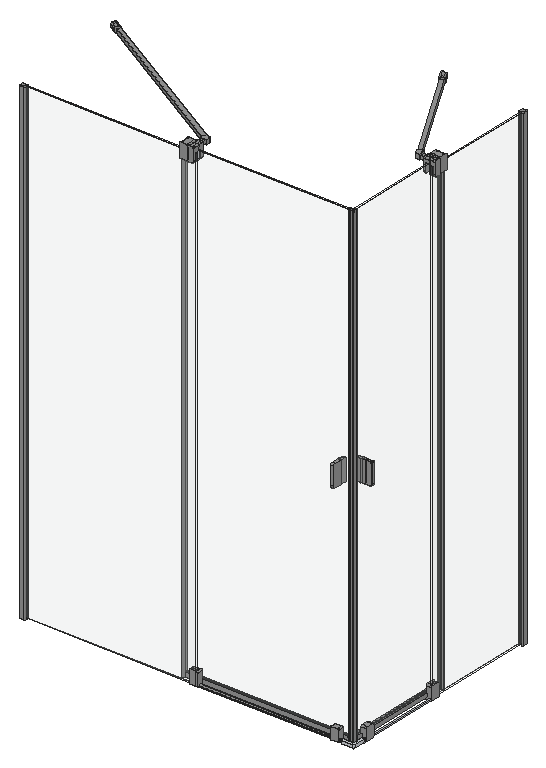
Revit family "Sanitary_Shower-screens_Duscholux_DuschoPulsar_Slider-twin-doors-corner-shower", category Plumbing Fixtures, Revit 2016
Family settings
  Part Type = Normal
  Round Connector Dimension = Use Diameter
  OmniClass Number = 23.45.00.00
  OmniClass Title = Sanitary, Laundry, and Cleaning Equipment
  Work Plane-Based = No
  Always vertical = Yes
  Cut with Voids When Loaded = No
  Shared = No
  Room Calculation Point = No
Parameters (values of type "Gold Finish")
  Width L2 = 900 mm
  Width L1 = 1400 mm
  Wall distance L2 (support) = (Min Max Width L2 / 2) + 25 mm  # 475 mm
  Wall distance L1 (support) = (Min Max Width L1 / 2) + 25 mm  # 725 mm
  Uniclass 2015 Description = "Shower Enclosures"
  Uniclass 2015 Code = "PR-40-20-06-79"
  URL = "http://www.duscholux.es/"
  UNSPSC Code = "30181507"
  Thickness Safety Glass Sliding = 8 mm  # constant formula
  Thickness Safety Glass Fixed Panel = 8 mm  # constant formula
  Technical Inspection Certificate (Applus) = "http://www.duscholux.es/resources/custom/var/APPLUS_en.pdf"
  Sliding Door Width L2 = (Min Max Width L2 / 2) + 35 mm - 36.1 mm  # 448.9 mm
  Sliding Door Width L1 = (Min Max Width L1 / 2) + 35 mm - 36.1 mm  # 698.9 mm
  Series = "DuschoPulsar"
  Region South America = "Consult"
  Region Oceania = "Consult"
  Region North America = "Consult"
  Region Middle East = "Consult"
  Region Europe = "AD, ES, FR, PT"
  Region Asia = "Consult"
  Region Antartica = "Consult"
  Region Africa = "Consult"
  Ref. = "PAF / PAG"
  Products = "http://www.duscholux.es/mamparas_filtro.aspx?es"
  Product group = "Front for shower"
  Product family = "Duscho Pulsar"
  Optional = "Glass Towel rail"
  Opening System Image = "http://blob.duscholux.es/pluma512/AD2f2pcorredera.gif"
  Opening System = "Sliding"
  Opening Percentage L2 = 0
  Opening Percentage L1 = 0
  Opening Door L2 = ((Min Max Width L2 / 2) - 114.3 mm - 36.1 mm) * Opening Percentage L2 / 100  # 0 mm
  Opening Door L1 = ((Min Max Width L1 / 2) - 114.3 mm - 36.1 mm) * Opening Percentage L1 / 100  # 0 mm
  Net Weight (Kg) = 60
  NBS Reference Description = "Shower Enclosures"
  NBS Reference Code = "45-35-70"
  Model = ""
  Min Max Width L2 = if(Width L2 < 800 mm, 800 mm, if(Width L2 > 1600 mm, 1600 mm, Width L2))  # 900 mm
  Min Max Width L1 = if(Width L1 < 800 mm, 800 mm, if(Width L1 > 1600 mm, 1600 mm, Width L1))  # 1400 mm
  Max Height = if(Height > 2000 mm, 2000 mm, Height)  # 2000 mm
  Manufacturer name = "Duscholux Ibérica, S.A."
  Manufacturer country = "Spain"
  Maintenance and Cleaning = "http://www.duscholux.es/mamparas_limpieza.aspx?en"
  Image = "http://www.duscholux.es/resources/custom/img/mamparas/DUSCHO%20PULSAR/modelos/2F2PADC/mampara_h.jpg"
  IFC Classification = "Furnishing Element"
  Height = 2000 mm
  Handle Material = Black Aluminium Finish
  Handle Height = Max Height / 2  # 1000 mm
  Glass in Building UNE EN 12150 = "CE Conformity marking"
  Glass Material = Glass_Material-Duscholux
  Frame Material = Gold
  Fact Sheet = "http://blob.duscholux.es/enpdf2018/Pulsar2F2PAD.pdf"
  Manufacturer = "Duscholux Ibérica, S.A."
  Environmental Management ISO 14001 = "ECOEMBES Certificate"
  Edition number = "1"
  Design country = "Spain / Germany"
  Description = "2 fixed segments + slider twin doors in a corner shower"
  Date of publishing = ""
  Assembly Code = "C1030200"
  Configuration enclosure = "http://configuratumampara.duscholux.es/eCatalogo.aspx"
  Components = "Eropean components"
  Type Comments = ""
  Combinations = "Lateral 90°"
  Certified Quality UNE EN 14428 = "http://www.duscholux.es/duscholux_downloads.aspx?es"
  COBIe Type Category = ""
  Brand = "Duscholux"
  Anti-Lime Treatment = "FeelNet 3D Included"
  Accesories Material = Gold
Reference planes
  plane 1 "Centro (Frontal/Posterior)": y = 0
  plane 2: z = 0
  plane 3 "Centro (Izquierda/Derecha)": x = 0
  plane 4: x = 1363.909
  plane 5: z = 2000
  plane 6: z = 1000
  plane 7: y = 21.3
  plane 8: y = 4
  plane 9: y = -4
  plane 10: z = 2003
  plane 11: y = -6.579
  plane 12: y = 893.421
  plane 13: y = 17.278
  plane 14: y = 25.278
  plane 15: x = 1376.237
  plane 16: x = 1368.237
  plane 17: y = 443.421
  plane 18: y = 408.421
  plane 19: y = 478.421
  plane 20: y = 29.513
  plane 21: x = 1400
  plane 22: x = 700
  plane 23: x = 735
  plane 24: x = 665
  plane 25: x = 1393.513
  plane 26: y = -6.579
  plane 27: x = 671.509
  plane 28: y = 471.913
  plane 29: y = 25.185
  plane 30: x = 720
  plane 31: y = 423.421
  plane 32: x = 720
Forms (mm)
  Extrusion 1, solid, material "Glass_Material-Duscholux" <- "Glass Material"
    sketch origin (512.5, -117.763, 0) x (1, 0, 0) y (0, 1, 0)
      loop
        line (-496.5, 121.763) -> (-496.5, 113.763) -> (222.5, 113.763) -> (222.5, 121.763) -> (-496.5, 121.763)
    from 2 to 2000
  Extrusion 2, solid, material "Plástico, transparente", detail levels fine
    sketch origin (0, -2.016, 0) x (0, 1, 0) y (0, 0, 1)
      loop
        line (18.037, 4) -> (28.544, 4) -> (28.544, 18.331) -> (49.065, 6.392) -> (49.065, 2.694)
        arc (49.065, 2.694) -> (49.804, 2.277) -> (50.544, 2.694) r 0.863
        line (50.544, 2.694) -> (50.544, 8.123) -> (27.817, 21.137)
        arc (27.817, 21.137) -> (27.258, 21.087) -> (27.044, 20.567) r 0.542
        line (27.044, 20.567) -> (27.294, 19.634) -> (27.294, 5.168) -> (19.294, 5.168) -> (19.294, 21.253) -> (18.037, 21.253) -> (18.037, 4)
    from 670.009 to 1363.909
  Extrusion 3, solid, material "Plástico, transparente", detail levels fine
    sketch origin (-2.798, -2.197, 0) x (1, 0, 0) y (0, 1, 0)
      loop
        line (672.807, 27.476) -> (672.807, 28.726) -> (666.507, 28.726) -> (666.507, 18.219) -> (671.807, 18.219) -> (671.807, 6.559) -> (672.807, 6.559) -> (672.807, 19.519) -> (667.807, 19.519) -> (667.807, 27.476) -> (672.807, 27.476)
    from 4 to 2000
  Extrusion 4, solid, material "Gold" <- "Frame Material"
    sketch origin (0, 0, 0) x (1, 0, 0) y (0, 1, 0)
      loop
        line (13.5, 5.521) -> (0, 5.521) -> (0, -7.479) -> (13.5, -7.479) -> (13.5, -5.979) -> (1.5, -5.979) -> (1.5, 4.021) -> (13.5, 4.021) -> (13.5, 5.521)
      loop
        line (21, 7.2) -> (1, 7.2) -> (1, 5.7) -> (14.5, 5.7) -> (14.5, -7.7) -> (1, -7.7) -> (1, -9.2) -> (16.7, -9.2)
        arc (16.7, -9.2) -> (19.983, -7.677) -> (20.941, -4.188) r 4.3
        line (20.941, -4.188) -> (19.995, -4.188) -> (16, -5.7) -> (16, 5.7) -> (20.019, 4.195) -> (21, 4.195) -> (21, 7.2)
    from 0 to 2000
  Extrusion 5, solid, material "Glass_Material-Duscholux" <- "Glass Material"
    sketch origin (-1353.12, 0, 0) x (1, 0, 0) y (0, 1, 0)
      loop
        line (2018.129, 25.278) -> (2018.129, 17.278) -> (2717.029, 17.278) -> (2717.029, 25.278) -> (2018.129, 25.278)
    from 5.168 to 2000
  Extrusion 6, solid, material "Gold" <- "Frame Material"
    sketch origin (0, 0, 0) x (1, 0, 0) y (0, 1, 0)
      loop
        line (21, 7.2) -> (0, 7.2) -> (0, -9.2) -> (16.7, -9.2)
        arc (16.7, -9.2) -> (19.741, -7.941) -> (21, -4.9) r 4.3
        line (21, -4.9) -> (21, 7.2)
    from 2000 to 2003
  Extrusion 7, solid, material "Plástico, transparente"
    sketch origin (63.909, 0, 0) x (1, 0, 0) y (0, 1, 0)
      loop
        line (1301, 26.978) -> (1294.376, 26.978)
        arc (1294.376, 26.978) -> (1293.172, 26.575) -> (1292.453, 25.528) r 2
        line (1292.453, 25.528) -> (1300, 25.528) -> (1300, 17.028) -> (1292.465, 17.028)
        arc (1292.465, 17.028) -> (1293.183, 15.981) -> (1294.388, 15.578) r 2
        line (1294.388, 15.578) -> (1301, 15.578)
        arc (1301, 15.578) -> (1305.962, 15.175) -> (1310.933, 14.893) r 205.779
        arc (1310.933, 14.893) -> (1312.373, 15.786) -> (1312.061, 17.452) r 1.5
        line (1312.061, 17.452) -> (1303.4, 26.112)
        arc (1303.4, 26.112) -> (1302.297, 26.813) -> (1301, 26.978) r 3
      loop
        line (1301, 26.476) -> (1301, 16.08)
        arc (1301, 16.08) -> (1305.973, 15.676) -> (1310.955, 15.392) r 205.279
        arc (1310.955, 15.392) -> (1311.915, 15.988) -> (1311.707, 17.098) r 1
        line (1311.707, 17.098) -> (1310.192, 18.614) -> (1309.465, 17.887) -> (1306.354, 20.998) -> (1307.081, 21.725) -> (1303.047, 25.759)
        arc (1303.047, 25.759) -> (1302.105, 26.351) -> (1301, 26.476) r 2.5
    from 0 to 2000
  Extrusion 8, solid, material "Glass_Material-Duscholux" <- "Glass Material"
    sketch origin (1629.513, 2946.573, 0) x (0, -1, 0) y (1, 0, 0)
      loop
        line (2468.16, -261.278) -> (2917.06, -261.278) -> (2917.06, -253.276) -> (2468.16, -253.276) -> (2468.16, -261.278)
    from 5.168 to 2000
  Extrusion 9, solid, material "Gold" <- "Frame Material"
    sketch origin (1629.513, 1593.421, 0) x (0, -1, 0) y (1, 0, 0)
      loop
        line (721, -243.2) -> (721, -231.1)
        arc (721, -231.1) -> (719.741, -228.059) -> (716.7, -226.8) r 4.3
        line (716.7, -226.8) -> (700, -226.8) -> (700, -243.2) -> (721, -243.2)
    from 2000 to 2003
  Extrusion 10, solid, material "Glass_Material-Duscholux" <- "Glass Material"
    sketch origin (1747.275, 1080.921, 0) x (0, -1, 0) y (1, 0, 0)
      loop
        line (203.5, -357.763) -> (672.5, -357.763) -> (672.5, -349.763) -> (203.5, -349.763) -> (203.5, -357.763)
    from 4 to 2000
  Extrusion 11, solid, material "Plástico, transparente", detail levels fine
    sketch origin (1631.71, 1596.219, 0) x (0, -1, 0) y (1, 0, 0)
      loop
        line (1122.806, -263.476) -> (1117.806, -263.476) -> (1117.806, -255.519) -> (1122.806, -255.519) -> (1122.806, -242.559) -> (1121.806, -242.559) -> (1121.806, -254.219) -> (1116.506, -254.219) -> (1116.506, -264.726) -> (1122.806, -264.726) -> (1122.806, -263.476)
    from 4 to 2000
  Extrusion 12, solid, material "Gold" <- "Frame Material"
    sketch origin (1629.513, 1593.421, 0) x (0, -1, 0) y (1, 0, 0)
      loop
        line (713.5, -241.521) -> (713.5, -240.021) -> (701.5, -240.021) -> (701.5, -230.021) -> (713.5, -230.021) -> (713.5, -228.521) -> (700, -228.521) -> (700, -241.521) -> (713.5, -241.521)
      loop
        line (721, -243.2) -> (721, -240.195) -> (720.019, -240.195) -> (716, -241.7) -> (716, -230.3) -> (719.995, -231.812) -> (720.941, -231.812)
        arc (720.941, -231.812) -> (719.983, -228.323) -> (716.7, -226.8) r 4.3
        line (716.7, -226.8) -> (701, -226.8) -> (701, -228.3) -> (714.5, -228.3) -> (714.5, -241.7) -> (701, -241.7) -> (701, -243.2) -> (721, -243.2)
    from 0 to 2000
  Extrusion 13, solid
    sketch origin (0, 0, 0) x (1, 0, 0) y (0, 1, 0)
      loop
        line (1346.409, 4.921) -> (1346.409, -5.079)
        arc (1346.409, -5.079) -> (1346.849, -6.139) -> (1347.909, -6.579) r 1.5
        line (1347.909, -6.579) -> (1395.5, -6.579)
        arc (1395.5, -6.579) -> (1398.682, -5.261) -> (1400, -2.079) r 4.5
        line (1400, -2.079) -> (1400, 45.55)
        arc (1400, 45.55) -> (1399.561, 46.61) -> (1398.5, 47.05) r 1.5
        line (1398.5, 47.05) -> (1388.591, 47.05) -> (1388.591, 10.921)
        arc (1388.591, 10.921) -> (1386.833, 6.679) -> (1382.591, 4.921) r 6
        line (1382.591, 4.921) -> (1346.409, 4.921)
    from 0 to 11.5
  Extrusion 14, solid, material "Gold" <- "Frame Material"
    sketch origin (0, 462.321, 0) x (0, 1, 0) y (0, 0, 1)
      loop
        line (-464.2, 0) -> (-457.6, 0) -> (-457.6, 4)
        arc (-457.6, 4) -> (-460.9, 7.3) -> (-464.2, 4) r 3.3
        line (-464.2, 4) -> (-464.2, 0)
    from 744.045 to 1346.409
  Extrusion 15, solid
    sketch origin (0, 0, 0) x (1, 0, 0) y (0, 0, 1)
      loop
        line (1395.3, 0) -> (1395.3, 4)
        arc (1395.3, 4) -> (1392, 7.3) -> (1388.7, 4) r 3.3
        line (1388.7, 4) -> (1388.7, 0) -> (1395.3, 0)
    from -399.376 to -47.05
  Extrusion 16, solid, material "Plástico, transparente"
    sketch origin (1393.422, 1454.313, 0) x (0, -1, 0) y (1, 0, 0)
      loop
        arc (1425.8, -26.978) -> (1427.097, -26.813) -> (1428.2, -26.112) r 3
        line (1428.2, -26.112) -> (1436.861, -17.452)
        arc (1436.861, -17.452) -> (1437.173, -15.786) -> (1435.733, -14.893) r 1.5
        arc (1435.733, -14.893) -> (1430.762, -15.175) -> (1425.8, -15.578) r 205.779
        line (1425.8, -15.578) -> (1419.188, -15.578)
        arc (1419.188, -15.578) -> (1417.983, -15.981) -> (1417.265, -17.028) r 2
        line (1417.265, -17.028) -> (1424.8, -17.028) -> (1424.8, -25.528) -> (1417.253, -25.528)
        arc (1417.253, -25.528) -> (1417.972, -26.575) -> (1419.176, -26.978) r 2
        line (1419.176, -26.978) -> (1425.8, -26.978)
      loop
        arc (1425.8, -26.476) -> (1426.905, -26.351) -> (1427.847, -25.759) r 2.5
        line (1427.847, -25.759) -> (1431.881, -21.725) -> (1431.154, -20.998) -> (1434.265, -17.887) -> (1434.992, -18.614) -> (1436.507, -17.098)
        arc (1436.507, -17.098) -> (1436.715, -15.988) -> (1435.755, -15.392) r 1
        arc (1435.755, -15.392) -> (1430.773, -15.676) -> (1425.8, -16.08) r 205.279
        line (1425.8, -16.08) -> (1425.8, -26.476)
    from 0 to 2000
  Extrusion 17, solid, material "Plástico, transparente", detail levels fine
    sketch origin (0, 0, 0) x (1, 0, 0) y (0, 0, 1)
      loop
        line (1367.689, 21.137) -> (1344.963, 8.123) -> (1344.963, 2.694)
        arc (1344.963, 2.694) -> (1345.702, 2.277) -> (1346.441, 2.694) r 0.863
        line (1346.441, 2.694) -> (1346.441, 6.392) -> (1366.963, 18.331) -> (1366.963, 4) -> (1377.469, 4) -> (1377.469, 21.253) -> (1376.213, 21.253) -> (1376.213, 5.168) -> (1368.213, 5.168) -> (1368.213, 19.634) -> (1368.463, 20.567)
        arc (1368.463, 20.567) -> (1368.249, 21.087) -> (1367.689, 21.137) r 0.542
    from -473.413 to -29.513
Dimensions and locks
  "Handle Height": plane 6 to level
  locked: Extrusion 3 to Extrusion 3 at 1.3
  locked: Extrusion 3 to Extrusion 3 at 1
  locked: Extrusion 3 to Extrusion 3 at 6.3
  "Max Height": plane 5 to level
  locked: plane 10 to plane 5 at 3
  "Thickness Safety Glass Sliding": Extrusion 5 to Extrusion 5
  "Opening Door L1": Extrusion 5 to plane 4
  locked: Extrusion 11 to Extrusion 11 at 1.3
  locked: Extrusion 11 to Extrusion 11 at 1
  locked: Extrusion 11 to Extrusion 11 at 6.3
  locked: plane 18 to plane 17 at 35
  locked: plane 17 to plane 19 at 35
  locked: nested 4 to Extrusion 8 at 46
  locked: plane 20 to plane 11 at 36.091
  "Min Max Width L2": plane 12 to plane 11
  equal spacing: plane 3 "Centro (Izquierda/Derecha)", plane 22, plane 21
  locked: plane 24 to plane 22 at 35
  locked: plane 22 to plane 23 at 35
  "Min Max Width L1": plane 3 "Centro (Izquierda/Derecha)" to plane 21
  locked: plane 4 to plane 21 at 36.091
  locked: plane 15 to plane 21 at 23.763
  locked: plane 16 to plane 15 at 8
  "Thickness Safety Glass Fixed Panel": Extrusion 10 to Extrusion 10
  locked: plane 15 to Extrusion 10 at 13.276
  locked: plane 15 to plane 25 at 17.276
  locked: Extrusion 13 to plane 21 at 53.591
  locked: Extrusion 13 to plane 11 at 53.628
  "Sliding Door Width L1": Extrusion 5 to Extrusion 5
  equal spacing: plane 12, plane 17, plane 11
  "Sliding Door Width L2": Extrusion 8 to Extrusion 11
  "Opening Door L2": Extrusion 8 to plane 20
  locked: plane 24 to plane 27 at 6.509
  locked: plane 19 to plane 28 at 6.509
  locked: plane 23 to Extrusion 14 at 9.045
  locked: plane 21 to Extrusion 15 at 4.7
  locked: plane 18 to Extrusion 15 at 9.045
  Extrusion 8 to Extrusion 16 = 1.607 mm
  Extrusion 16 to Extrusion 8 = 1.791 mm
  locked: plane 31 to plane 17 at 20
  locked: plane 22 to plane 32 at 20
  aligned and locked: level to plane 2
  aligned and locked: plane 5 to Extrusion 1
  aligned and locked: Extrusion 3 to Extrusion 3
  aligned and locked: Extrusion 5 sketch curve to Extrusion 3
  aligned and locked: Extrusion 5 sketch curve to Extrusion 2
  aligned and locked: Extrusion 5 to Extrusion 2
  aligned and locked: Extrusion 1 to Extrusion 4
  aligned and locked: plane 5 to Extrusion 4
  aligned and locked: plane 5 to Extrusion 5
  aligned and locked: Extrusion 5 to Extrusion 3
  aligned and locked: Extrusion 3 to Extrusion 5
  aligned and locked: Extrusion 2 to Extrusion 3
  aligned and locked: nested 1 to plane 6
  aligned and locked: Extrusion 3 to Extrusion 2
  aligned and locked: Extrusion 6 to Extrusion 4
  aligned and locked: plane 10 to Extrusion 6
  aligned and locked: Extrusion 2 to Extrusion 5
  aligned and locked: Extrusion 7 to Extrusion 5
  aligned and locked: Extrusion 11 to Extrusion 11
  aligned and locked: plane 5 to Extrusion 8
  aligned and locked: plane 5 to Extrusion 10
  aligned and locked: plane 5 to Extrusion 12
  aligned and locked: Extrusion 9 to plane 5
  aligned and locked: plane 10 to Extrusion 9
  aligned and locked: Extrusion 9 to Extrusion 12
  aligned and locked: Extrusion 11 to Extrusion 8
  aligned and locked: nested 4 to nested 3
  aligned and locked: plane 6 to nested 4
  aligned and locked: nested 3 to plane 21  (x3)
  aligned and locked: plane 23 to nested 5
  aligned and locked: nested 6 to plane 25
  aligned and locked: nested 7 to Extrusion 5
  aligned and locked: nested 8 to plane 15
  aligned and locked: Extrusion 10 to nested 8
  aligned and locked: nested 6 to plane 18
  aligned and locked: nested 7 to plane 27
  aligned and locked: nested 8 to plane 28
  aligned and locked: plane 23 to Extrusion 1
  aligned and locked: plane 5 to Extrusion 11
  aligned and locked: plane 5 to Extrusion 7
  aligned and locked: Extrusion 14 to Extrusion 13
  aligned and locked: Extrusion 15 to Extrusion 13
  aligned and locked: Extrusion 16 to Extrusion 8  (x2)
  aligned and locked: Extrusion 17 to Extrusion 8
  aligned and locked: Extrusion 17 to Extrusion 11
  aligned and locked: nested 1 to nested 9
  aligned and locked: nested 10 to nested 4
  aligned and locked: nested 9 to plane 6
  aligned and locked: plane 6 to nested 10
  aligned and locked: nested 2 to nested 1
  aligned and locked: nested 11 to plane 31
  aligned and locked: plane 32 to nested 12
  aligned and locked: nested 11 to plane 25
  aligned and locked: nested 12 to plane 5
  aligned and locked: plane 5 to nested 11
Automatic sketch dimensions
  Extrusion 1 sketch curve to plane 9 = 0 mm
  Extrusion 1 sketch curve to plane 8 = 0 mm
  Extrusion 1 sketch curve to plane 23 = 0 mm
  plane 3 "Centro (Izquierda/Derecha)" to Extrusion 1 sketch curve = 16 mm
  Extrusion 2 sketch curve to plane 13 = 0 mm
  Extrusion 2 sketch curve to plane 14 = 0 mm
  Extrusion 2 sketch curve to Extrusion 2 sketch curve = 1.256 mm
  Extrusion 2 sketch curve to plane 29 = 0.157 mm
  Extrusion 2 sketch curve to plane 14 = 0.286 mm
  Extrusion 2 sketch curve to plane 14 = 0.523 mm
  Extrusion 2 sketch curve to plane 14 = 1.25 mm
  level to Extrusion 2 sketch curve = 6.392 mm
  plane 20 to Extrusion 2 sketch curve = 17.537 mm
  Extrusion 2 sketch curve to Extrusion 2 sketch curve = 0.739 mm
  Extrusion 2 sketch curve to Extrusion 2 sketch curve = 1.478 mm
  level to Extrusion 2 sketch curve = 5.168 mm
  Extrusion 2 sketch curve to Extrusion 2 sketch curve = 1.168 mm
  level to Extrusion 2 sketch curve = 3.14 mm
  Extrusion 2 sketch curve to Extrusion 2 sketch curve = 0.446 mm
  Extrusion 2 sketch curve to Extrusion 2 sketch curve = 1.731 mm
  Extrusion 2 sketch curve to Extrusion 2 sketch curve = 13.163 mm
  Extrusion 2 sketch curve to Extrusion 2 sketch curve = 1.303 mm
  Extrusion 2 sketch curve to Extrusion 2 sketch curve = 0.933 mm
  Extrusion 2 sketch curve to Extrusion 2 sketch curve = 0.083 mm
  Extrusion 2 sketch curve to Extrusion 2 sketch curve = 0.686 mm
  plane 14 to Extrusion 3 sketch curve = 0 mm
  Extrusion 3 sketch curve to plane 24 = 1.291 mm
  plane 24 to Extrusion 3 sketch curve = 0.009 mm
  plane 8 to Extrusion 3 sketch curve = 0.362 mm
  Extrusion 3 sketch curve to plane 27 = 2.5 mm
  Extrusion 3 sketch curve to plane 27 = 1.5 mm
  Extrusion 3 sketch curve to Extrusion 3 sketch curve = 1 mm
  plane 13 to Extrusion 3 sketch curve = 1.256 mm
  Extrusion 3 sketch curve to plane 13 = 0.044 mm
  Extrusion 3 sketch curve to plane 14 = 1.25 mm
  Extrusion 4 sketch curve to plane 3 "Centro (Izquierda/Derecha)" = 0 mm
  plane 3 "Centro (Izquierda/Derecha)" to Extrusion 4 sketch curve = 1 mm  (x2)
  plane 8 to Extrusion 4 sketch curve = 0.021 mm
  plane 3 "Centro (Izquierda/Derecha)" to Extrusion 4 sketch curve = 1.5 mm
  plane 11 to Extrusion 4 sketch curve = 0.6 mm
  Extrusion 4 sketch curve to Extrusion 4 sketch curve = 12 mm
  plane 8 to Extrusion 4 sketch curve = 1.521 mm
  Extrusion 4 sketch curve to Extrusion 4 sketch curve = 0 mm
  Extrusion 4 sketch curve to Extrusion 4 sketch curve = 1 mm
  plane 8 to Extrusion 4 sketch curve = 1.7 mm
  Extrusion 4 sketch curve to Extrusion 4 sketch curve = 1.5 mm  (x3)
  Extrusion 4 sketch curve to Extrusion 4 sketch curve = 2.2 mm
  Extrusion 4 sketch curve to plane 9 = 0.188 mm
  Extrusion 4 sketch curve to Extrusion 4 sketch curve = 3.295 mm
  plane 8 to Extrusion 4 sketch curve = 0.195 mm
  Extrusion 4 sketch curve to Extrusion 4 sketch curve = 4.019 mm
  Extrusion 4 sketch curve to Extrusion 4 sketch curve = 0.946 mm
  Extrusion 4 sketch curve to Extrusion 4 sketch curve = 0.981 mm
  Extrusion 4 sketch curve to plane 11 = 0.9 mm
  Extrusion 4 sketch curve to Extrusion 4 sketch curve = 0.221 mm
  plane 11 to Extrusion 4 sketch curve = 0.879 mm
  Extrusion 4 sketch curve to Extrusion 4 sketch curve = 0.179 mm
  Extrusion 5 sketch curve to plane 4 = 0 mm
  plane 24 to Extrusion 5 sketch curve = 0.009 mm
  Extrusion 6 sketch curve to plane 3 "Centro (Izquierda/Derecha)" = 0 mm
  Extrusion 6 sketch curve to plane 11 = 2.621 mm
  plane 3 "Centro (Izquierda/Derecha)" to Extrusion 6 sketch curve = 16.7 mm
  Extrusion 6 sketch curve to plane 9 = 0.9 mm
  plane 8 to Extrusion 6 sketch curve = 3.2 mm
  Extrusion 7 sketch curve to Extrusion 7 sketch curve = 0 mm  (x14)
  Extrusion 7 sketch curve to Extrusion 7 sketch curve = 1.923 mm  (x2)
  Extrusion 7 sketch curve to Extrusion 7 sketch curve = 0.354 mm  (x3)
  Extrusion 7 sketch curve to Extrusion 7 sketch curve = 0.502 mm
  Extrusion 8 sketch curve to plane 15 = 0 mm
  Extrusion 8 sketch curve to plane 20 = 0 mm
  Extrusion 8 sketch curve to plane 16 = 0.002 mm
  Extrusion 8 sketch curve to plane 19 = 0.009 mm
  Extrusion 9 sketch curve to plane 12 = 0 mm
  Extrusion 9 sketch curve to plane 21 = 2.713 mm
  plane 12 to Extrusion 9 sketch curve = 16.7 mm
  plane 21 to Extrusion 9 sketch curve = 1.587 mm
  plane 25 to Extrusion 9 sketch curve = 7.2 mm
  plane 18 to Extrusion 10 sketch curve = 0 mm
  plane 25 to Extrusion 10 sketch curve = 4 mm
  plane 12 to Extrusion 10 sketch curve = 16 mm
  plane 21 to Extrusion 10 sketch curve = 2.487 mm
  plane 19 to Extrusion 11 sketch curve = 1.291 mm
  Extrusion 11 sketch curve to plane 19 = 0.009 mm
  Extrusion 11 sketch curve to plane 28 = 2.5 mm
  Extrusion 11 sketch curve to plane 16 = 0.002 mm
  Extrusion 11 sketch curve to plane 28 = 1.5 mm
  Extrusion 11 sketch curve to Extrusion 11 sketch curve = 1 mm
  Extrusion 11 sketch curve to plane 15 = 0.046 mm
  plane 15 to Extrusion 11 sketch curve = 1.254 mm
  plane 25 to Extrusion 11 sketch curve = 4.362 mm
  Extrusion 11 sketch curve to Extrusion 11 sketch curve = 1.25 mm
  Extrusion 12 sketch curve to plane 12 = 0 mm
  plane 12 to Extrusion 12 sketch curve = 1 mm  (x2)
  plane 12 to Extrusion 12 sketch curve = 1.5 mm
  plane 21 to Extrusion 12 sketch curve = 0.508 mm
  Extrusion 12 sketch curve to Extrusion 12 sketch curve = 12 mm
  plane 25 to Extrusion 12 sketch curve = 5.521 mm
  Extrusion 12 sketch curve to Extrusion 12 sketch curve = 0 mm
  Extrusion 12 sketch curve to Extrusion 12 sketch curve = 1 mm
  plane 25 to Extrusion 12 sketch curve = 5.7 mm
  Extrusion 12 sketch curve to Extrusion 12 sketch curve = 1.5 mm  (x4)
  Extrusion 12 sketch curve to Extrusion 12 sketch curve = 2.2 mm
  Extrusion 12 sketch curve to Extrusion 12 sketch curve = 3.295 mm
  Extrusion 12 sketch curve to Extrusion 12 sketch curve = 4.019 mm
  Extrusion 12 sketch curve to Extrusion 12 sketch curve = 0.946 mm
  Extrusion 12 sketch curve to Extrusion 12 sketch curve = 0.981 mm
  Extrusion 12 sketch curve to plane 21 = 0.992 mm
  Extrusion 12 sketch curve to Extrusion 12 sketch curve = 0.221 mm
  plane 21 to Extrusion 12 sketch curve = 0.787 mm
  Extrusion 12 sketch curve to Extrusion 12 sketch curve = 0.8 mm
  plane 25 to Extrusion 12 sketch curve = 4.195 mm
  Extrusion 12 sketch curve to Extrusion 12 sketch curve = 0.179 mm
  Extrusion 13 sketch curve to plane 11 = 0 mm
  Extrusion 13 sketch curve to plane 21 = 0 mm
  Extrusion 13 sketch curve to plane 21 = 1.5 mm
  plane 9 to Extrusion 13 sketch curve = 1.921 mm
  Extrusion 13 sketch curve to plane 25 = 4.922 mm
  plane 8 to Extrusion 13 sketch curve = 0.921 mm
  Extrusion 13 sketch curve to plane 15 = 6.354 mm
  Extrusion 13 sketch curve to plane 4 = 16 mm
  Extrusion 13 sketch curve to Extrusion 13 sketch curve = 1.5 mm
  plane 20 to Extrusion 13 sketch curve = 16.037 mm
  Extrusion 14 sketch curve to level = 0 mm
  plane 1 "Centro (Frontal/Posterior)" to Extrusion 14 sketch curve = 1.879 mm
  Extrusion 14 sketch curve to plane 1 "Centro (Frontal/Posterior)" = 1.421 mm
  level to Extrusion 14 sketch curve = 4 mm
  Extrusion 15 sketch curve to level = 0 mm
  Extrusion 15 sketch curve to plane 25 = 4.813 mm
  Extrusion 15 sketch curve to plane 25 = 1.513 mm
  level to Extrusion 15 sketch curve = 4 mm
  Extrusion 16 sketch curve to Extrusion 16 sketch curve = 0 mm  (x14)
  Extrusion 16 sketch curve to Extrusion 16 sketch curve = 1.923 mm  (x2)
  Extrusion 16 sketch curve to Extrusion 16 sketch curve = 0.354 mm  (x3)
  Extrusion 16 sketch curve to Extrusion 16 sketch curve = 0.727 mm  (x2)
  Extrusion 16 sketch curve to Extrusion 16 sketch curve = 0.502 mm
  level to Extrusion 17 sketch curve = 8.123 mm
  Extrusion 17 sketch curve to plane 4 = 18.947 mm
  level to Extrusion 17 sketch curve = 6.392 mm
  Extrusion 17 sketch curve to Extrusion 17 sketch curve = 1.478 mm
  plane 16 to Extrusion 17 sketch curve = 1.274 mm
  plane 16 to Extrusion 17 sketch curve = 0.547 mm
  level to Extrusion 17 sketch curve = 2.694 mm
  level to Extrusion 17 sketch curve = 18.331 mm
  Extrusion 17 sketch curve to Extrusion 17 sketch curve = 2.806 mm
  Extrusion 17 sketch curve to Extrusion 17 sketch curve = 0 mm
  Extrusion 17 sketch curve to Extrusion 17 sketch curve = 0.446 mm
  level to Extrusion 17 sketch curve = 4 mm
  plane 16 to Extrusion 17 sketch curve = 0.31 mm
  Extrusion 17 sketch curve to Extrusion 17 sketch curve = 0.487 mm
  plane 16 to Extrusion 17 sketch curve = 0.024 mm
  Extrusion 17 sketch curve to plane 16 = 0.226 mm
  Extrusion 17 sketch curve to Extrusion 17 sketch curve = 1.168 mm
  Extrusion 17 sketch curve to Extrusion 17 sketch curve = 0.933 mm
  plane 15 to Extrusion 17 sketch curve = 0.024 mm
  Extrusion 17 sketch curve to Extrusion 17 sketch curve = 0.686 mm
  Extrusion 17 sketch curve to plane 15 = 1.232 mm
  Extrusion 7 sketch curve to Extrusion 7 sketch curve = 1.911 mm
  Extrusion 7 sketch curve to Extrusion 7 sketch curve = 5.624 mm
  Extrusion 7 sketch curve to Extrusion 7 sketch curve = 1 mm
  Extrusion 7 sketch curve to Extrusion 7 sketch curve = 1.279 mm
  Extrusion 7 sketch curve to Extrusion 7 sketch curve = 2.047 mm
  Extrusion 7 sketch curve to Extrusion 7 sketch curve = 3.307 mm
  Extrusion 7 sketch curve to Extrusion 7 sketch curve = 0.727 mm  (x2)
  Extrusion 7 sketch curve to Extrusion 7 sketch curve = 3.111 mm
  Extrusion 7 sketch curve to Extrusion 7 sketch curve = 1.535 mm
  Extrusion 7 sketch curve to Extrusion 7 sketch curve = 0.707 mm  (x2)
  Extrusion 7 sketch curve to Extrusion 7 sketch curve = 19.127 mm
  Extrusion 7 sketch curve to Extrusion 7 sketch curve = 0.311 mm
  Extrusion 7 sketch curve to Extrusion 7 sketch curve = 0.948 mm
  Extrusion 7 sketch curve to Extrusion 7 sketch curve = 1.495 mm
  Extrusion 7 sketch curve to Extrusion 7 sketch curve = 1.768 mm
  Extrusion 7 sketch curve to Extrusion 7 sketch curve = 1.497 mm
  Extrusion 7 sketch curve to Extrusion 7 sketch curve = 0.947 mm
  Extrusion 7 sketch curve to Extrusion 7 sketch curve = 193.488 mm
  Extrusion 16 sketch curve to Extrusion 16 sketch curve = 1.911 mm
  Extrusion 16 sketch curve to Extrusion 16 sketch curve = 5.624 mm
  Extrusion 16 sketch curve to Extrusion 16 sketch curve = 1 mm
  Extrusion 16 sketch curve to Extrusion 16 sketch curve = 1.279 mm
  Extrusion 16 sketch curve to Extrusion 16 sketch curve = 2.047 mm
  Extrusion 16 sketch curve to Extrusion 16 sketch curve = 3.307 mm
  Extrusion 16 sketch curve to Extrusion 16 sketch curve = 3.111 mm
  Extrusion 16 sketch curve to Extrusion 16 sketch curve = 1.535 mm
  Extrusion 16 sketch curve to Extrusion 16 sketch curve = 0.707 mm  (x2)
  Extrusion 16 sketch curve to Extrusion 16 sketch curve = 19.127 mm
  Extrusion 16 sketch curve to Extrusion 16 sketch curve = 0.311 mm
  Extrusion 16 sketch curve to Extrusion 16 sketch curve = 0.948 mm
  Extrusion 16 sketch curve to Extrusion 16 sketch curve = 1.495 mm
  Extrusion 16 sketch curve to Extrusion 16 sketch curve = 1.768 mm
  Extrusion 16 sketch curve to Extrusion 16 sketch curve = 1.497 mm
  Extrusion 16 sketch curve to Extrusion 16 sketch curve = 0.947 mm
  Extrusion 16 sketch curve to Extrusion 16 sketch curve = 193.488 mm
  Extrusion 16 sketch curve to plane 20 = 0 mm
  plane 15 to Extrusion 16 sketch curve = 1.607 mm
  Extrusion 7 sketch curve to plane 4 = 0 mm
  plane 13 to Extrusion 7 sketch curve = 1.7 mm
Nested families
  nested 1: "Handle-Pulsar" at (1317.514, 17.278, 1000) x (0, 0, -1) z (0, -1, 0), type "Handle-Pulsar", detail levels medium+fine
  nested 2: "Guide-Piece" at (1317.514, 0.021, 0), type "Guide-Piece"
  nested 3: "Guide-Piece" at (1393.4, 75.513, 0) x (0, -1, 0) z (0, 0, 1), type "Guide-Piece"
  nested 4: "Handle-Pulsar" at (1376.237, 75.513, 1000) x (0, 0, 1) z (1, 0, 0), type "Handle-Pulsar", detail levels medium+fine
  nested 5: "Fixed-Guide-Piece" at (726.523, 0, 0), type "Fixed-Guide-Piece"
  nested 6: "Fixed-Guide-Piece" at (1393.513, 416.899, 0) x (0, -1, 0) z (0, 0, 1), type "Fixed-Guide-Piece"
  nested 7: "Superior-Piece" at (689.009, 0, 1594.218), type "Superior-Piece"
  nested 8: "Superior-Piece" at (1393.509, 454.413, 1594.218) x (0, -1, 0) z (0, 0, 1), type "Superior-Piece"
  nested 9: "Handle-Pulsar-corner-int" at (1317.514, 25.278, 1000) x (0, 0, -1) z (0, 1, 0), type "Handle-Pulsar-corner-int", detail levels medium+fine
  nested 10: "Handle-Pulsar-corner-int" at (1368.234, 75.513, 1000) x (0, 0, 1) z (-1, 0, 0), type "Handle-Pulsar-corner-int", detail levels medium+fine
  nested 11: "Wall-Bracket-L2" at (1393.513, 423.421, 2000) x (0, -1, 0) z (0, 0, 1), type "Wall-Bracket-L2", detail levels medium+fine
    with Support Lenght 548.483 mm, D2 274.241 mm, Wall distance 475 mm
  nested 12: "Wall-Bracket-L1" at (720, 0, 2000), type "Wall-Bracket-L1"
    with Support Lenght 837.158 mm, D2 418.579 mm, Wall distance 725 mm
Definition of nested family "Handle-Pulsar"
  Parameters (values of type "Handle-Pulsar")
    Handle Material = none
    Default Elevation = 1219.2 mm
    Accesories Material = none
  Reference planes
    plane 1 "Centro (Frontal/Posterior)": y = 0
    plane 2: z = 0
    plane 3 "Centro (Izquierda/Derecha)": x = 0
    plane 4: x = 45
    plane 5: x = -45
    plane 6: y = 6.5
    plane 7: y = -6.5
  Forms (mm)
    Extrusion 1, solid
      sketch origin (0, 0, 0) x (1, 0, 0) y (0, 1, 0)
        loop
          line (-1219.2, 1219.2) -> (-1219.2, -1219.2) -> (1219.2, -1219.2) -> (1219.2, 1219.2) -> (-1219.2, 1219.2)
      from 0 to -304.8
    Extrusion 2, solid, material <- "Accesories Material"
      sketch origin (0, 0, 0) x (1, 0, 0) y (0, 0, 1)
        loop
          line (-45, 0) -> (45, 0) -> (45, 30)
          arc (45, 30) -> (43.536, 33.536) -> (40, 35) r 5
          line (40, 35) -> (-40, 35)
          arc (-40, 35) -> (-43.536, 33.536) -> (-45, 30) r 5
          line (-45, 30) -> (-45, 0)
      from -6.5 to 6.5
    Extrusion 3, void
      sketch origin (0, 0, 0) x (1, 0, 0) y (0, 0, 1)
        loop
          line (-40, 35) -> (-40, 10) -> (45, 10) -> (45, 30)
          arc (45, 30) -> (43.536, 33.536) -> (40, 35) r 5
          line (40, 35) -> (-40, 35)
      from -3.5 to 6.5
    Extrusion 4, solid, material <- "Handle Material"
      sketch origin (0, 0, 0) x (1, 0, 0) y (0, 0, 1)
        loop
          line (-40, 35) -> (-40, 10) -> (45, 10) -> (45, 30)
          arc (45, 30) -> (43.536, 33.536) -> (40, 35) r 5
          line (40, 35) -> (-40, 35)
      from -3.5 to 6.5
  Cuts and joins
    Extrusion 3 cuts Extrusion 2
  Dimensions and locks
    equal spacing: plane 7, plane 1 "Centro (Frontal/Posterior)", plane 6
    aligned and locked: plane 2 to Extrusion 1
    aligned and locked: level to Extrusion 1
    aligned and locked: plane 6 to Extrusion 2
    aligned and locked: Extrusion 2 to plane 7
    aligned and locked: Extrusion 3 to Extrusion 2
    aligned and locked: Extrusion 4 to cut or joined group of Extrusion 2, Extrusion 3  (x2)
  Automatic sketch dimensions
    Extrusion 1 sketch curve to Extrusion 1 sketch curve = 2438.4 mm  (x2)
    Extrusion 2 sketch curve to level = 0 mm
    Extrusion 2 sketch curve to plane 5 = 0 mm
    Extrusion 2 sketch curve to plane 4 = 0 mm
    plane 5 to Extrusion 2 sketch curve = 5 mm
    Extrusion 2 sketch curve to plane 4 = 5 mm
    Extrusion 2 sketch curve to Extrusion 2 sketch curve = 30 mm
    Extrusion 3 sketch curve to plane 4 = 0 mm
    Extrusion 3 sketch curve to Extrusion 3 sketch curve = 5 mm
    plane 5 to Extrusion 3 sketch curve = 5 mm
    level to Extrusion 3 sketch curve = 10 mm
    Extrusion 3 sketch curve to Extrusion 3 sketch curve = 20 mm
    Extrusion 4 sketch curve to plane 4 = 0 mm
    Extrusion 4 sketch curve to Extrusion 4 sketch curve = 5 mm
    plane 5 to Extrusion 4 sketch curve = 5 mm
    level to Extrusion 4 sketch curve = 10 mm
    Extrusion 4 sketch curve to Extrusion 4 sketch curve = 20 mm
Definition of nested family "Guide-Piece"
  Parameters (values of type "Guide-Piece")
    Accesories Material = none
  Reference planes
    plane 1 "Centro (Frontal/Posterior)": y = 0
    plane 2: z = 0
    plane 3 "Centro (Izquierda/Derecha)": x = 0
  Forms (mm)
    Extrusion 1, solid, material <- "Accesories Material"
      sketch origin (-1350.674, -0.021, 0) x (1, 0, 0) y (0, 0, 1)
        loop
          line (1363.174, 50) -> (1338.174, 50)
          arc (1338.174, 50) -> (1334.638, 48.536) -> (1333.174, 45) r 5
          line (1333.174, 45) -> (1333.174, 4)
          arc (1333.174, 4) -> (1334.345, 1.172) -> (1337.174, 0) r 4
          line (1337.174, 0) -> (1364.174, 0)
          arc (1364.174, 0) -> (1367.002, 1.172) -> (1368.174, 4) r 4
          line (1368.174, 4) -> (1368.174, 45)
          arc (1368.174, 45) -> (1366.709, 48.536) -> (1363.174, 50) r 5
      from 6.579 to -16.022
    Extrusion 2, solid, material <- "Accesories Material"
      sketch origin (-1350.674, -0.021, 0) x (1, 0, 0) y (0, 0, 1)
        loop
          line (1368.174, 4) -> (1333.174, 4)
          arc (1333.174, 4) -> (1334.345, 1.172) -> (1337.174, 0) r 4
          line (1337.174, 0) -> (1364.174, 0)
          arc (1364.174, 0) -> (1367.002, 1.172) -> (1368.174, 4) r 4
      from -27.521 to -16.022
    Extrusion 3, solid, material <- "Accesories Material"
      sketch origin (-1350.674, -0.021, 0) x (1, 0, 0) y (0, 1, 0)
        loop
          line (1333.174, 27.521) -> (1333.174, 26.521) -> (1368.174, 26.521) -> (1368.174, 27.521) -> (1333.174, 27.521)
      from 4 to 16.689
    Extrusion 4, void
      sketch origin (0, 0, 0) x (1, 0, 0) y (0, 0, 1)
        loop
          line (-17.5, 12) -> (-17.5, 4)
          arc (-17.5, 4) -> (-16.328, 1.172) -> (-13.5, 0) r 4
          line (-13.5, 0) -> (13.5, 0)
          arc (13.5, 0) -> (16.328, 1.172) -> (17.5, 4) r 4
          line (17.5, 4) -> (17.5, 12) -> (-17.5, 12)
      from -7.4 to 4.6
  Cuts and joins
    Extrusion 4 cuts Extrusion 1
    Extrusion 4 cuts Extrusion 2
    Extrusion 4 cuts Extrusion 3
    joined: Extrusion 1, Extrusion 2, Extrusion 3
  Dimensions and locks
    Extrusion 4 to level = 12 mm
    aligned and locked: level to plane 2
Definition of nested family "Fixed-Guide-Piece"
  Parameters (values of type "Fixed-Guide-Piece")
    Accesories Material = none
  Reference planes
    plane 1 "Center (Front/Back)": y = 0
    plane 2: z = 0
    plane 3 "Center (Left/Right)": x = 0
    plane 4: y = 4
    plane 5: y = -4
  Forms (mm)
    Extrusion 1, solid, material <- "Accesories Material"
      sketch origin (-844.523, -0.021, 0) x (1, 0, 0) y (0, 0, 1)
        loop
          line (827, 0) -> (862.045, 0) -> (862.045, 51)
          arc (862.045, 51) -> (860.363, 55.063) -> (856.3, 56.745) r 5.745
          line (856.3, 56.745) -> (832, 56.745)
          arc (832, 56.745) -> (828.464, 55.281) -> (827, 51.745) r 5
          line (827, 51.745) -> (827, 0)
      from -16.022 to 6.579
    Extrusion 2, solid, material <- "Accesories Material"
      sketch origin (-844.523, -0.021, 0) x (0, 1, 0) y (0, 0, 1)
        loop
          line (16.022, 0) -> (33.25, 0) -> (33.25, 13.123) -> (28.25, 15.562) -> (28.25, 4) -> (16.022, 4) -> (16.022, 0)
      from 827 to 862.045
    Extrusion 3, void
      sketch origin (-590.59, 0, 0) x (1, 0, 0) y (0, 0, 1)
        loop
          line (573.067, 2) -> (599.067, 2) -> (599.067, 56.745) -> (578.067, 56.745)
          arc (578.067, 56.745) -> (574.531, 55.281) -> (573.067, 51.745) r 5
          line (573.067, 51.745) -> (573.067, 2)
      from -4 to 4
  Cuts and joins
    Extrusion 3 cuts Extrusion 1
    Extrusion 3 cuts Extrusion 2
    joined: Extrusion 1, Extrusion 2
  Dimensions and locks
    aligned and locked: level to plane 2
    aligned and locked: Extrusion 2 to Extrusion 1
    aligned and locked: plane 4 to Extrusion 3
    aligned and locked: Extrusion 3 to plane 5
Definition of nested family "Superior-Piece"
  Parameters (values of type "Superior-Piece")
    Accesories Material = none
  Reference planes
    plane 1 "Center (Front/Back)": y = 0
    plane 2: z = 0
    plane 3 "Center (Left/Right)": x = 0
  Forms (mm)
    Extrusion 1, solid, material <- "Accesories Material"
      sketch origin (-566.536, -0.05, -1841.314) x (1, 0, 0) y (0, 0, 1)
        loop
          arc (554.036, 2272.097) -> (550.5, 2270.632) -> (549.036, 2267.097) r 5
          line (549.036, 2267.097) -> (549.036, 2217.097)
          arc (549.036, 2217.097) -> (550.5, 2213.561) -> (554.036, 2212.097) r 5
          line (554.036, 2212.097) -> (579.036, 2212.097)
          arc (579.036, 2212.097) -> (582.571, 2213.561) -> (584.036, 2217.097) r 5
          line (584.036, 2217.097) -> (584.036, 2267.097)
          arc (584.036, 2267.097) -> (582.571, 2270.632) -> (579.036, 2272.097) r 5
          line (579.036, 2272.097) -> (554.036, 2272.097)
      from 6.85 to 10.85
    Extrusion 2, solid, material <- "Accesories Material"
      sketch origin (-566.536, -0.05, -1841.314) x (1, 0, 0) y (0, 0, 1)
        loop
          arc (554.036, 2272.097) -> (550.5, 2270.632) -> (549.036, 2267.097) r 5
          line (549.036, 2267.097) -> (549.036, 2247.097) -> (584.036, 2247.097) -> (584.036, 2267.097)
          arc (584.036, 2267.097) -> (582.571, 2270.632) -> (579.036, 2272.097) r 5
          line (579.036, 2272.097) -> (554.036, 2272.097)
      from -28.15 to 6.85
    Extrusion 3, solid, material <- "Accesories Material"
      sketch origin (-566.536, -457.05, -1841.314) x (1, 0, 0) y (0, 0, -1)
        loop
          line (554.036, -2272.097) -> (579.036, -2272.097)
          arc (579.036, -2272.097) -> (582.571, -2270.632) -> (584.036, -2267.097) r 5
          line (584.036, -2267.097) -> (584.036, -2217.097)
          arc (584.036, -2217.097) -> (582.571, -2213.561) -> (579.036, -2212.097) r 5
          line (579.036, -2212.097) -> (554.036, -2212.097)
          arc (554.036, -2212.097) -> (550.5, -2213.561) -> (549.036, -2217.097) r 5
          line (549.036, -2217.097) -> (549.036, -2267.097)
          arc (549.036, -2267.097) -> (550.5, -2270.632) -> (554.036, -2272.097) r 5
      from 485.15 to 489.15
    Extrusion 4, solid, material <- "Accesories Material"
      sketch origin (-789, -0.05, -1594.218) x (1, 0, 0) y (0, 0, 1)
        loop
          line (771.5, 2000) -> (771.5, 1970)
          arc (771.5, 1970) -> (772.964, 1966.464) -> (776.5, 1965) r 5
          line (776.5, 1965) -> (801.5, 1965)
          arc (801.5, 1965) -> (805.036, 1966.464) -> (806.5, 1970) r 5
          line (806.5, 1970) -> (806.5, 2000) -> (771.5, 2000)
      from -17.322 to -4
  Cuts and joins
    joined: Extrusion 1, Extrusion 2, Extrusion 3, Extrusion 4
  Dimensions and locks
    aligned and locked: level to plane 2
Definition of nested family "Handle-Pulsar-corner-int"
  Parameters (values of type "Handle-Pulsar-corner-int")
    Handle Material = none
    Default Elevation = 1219.2 mm
    Accesories Material = none
  Reference planes
    plane 1 "Centro (Frontal/Posterior)": y = 0
    plane 2: z = 0
    plane 3 "Centro (Izquierda/Derecha)": x = 0
    plane 4: x = 45
    plane 5: x = -45
    plane 6: y = 6.5
    plane 7: y = -6.5
  Forms (mm)
    Extrusion 1, solid
      sketch origin (0, 0, 0) x (1, 0, 0) y (0, 1, 0)
        loop
          line (-1219.2, 1219.2) -> (-1219.2, -1219.2) -> (1219.2, -1219.2) -> (1219.2, 1219.2) -> (-1219.2, 1219.2)
      from 0 to -304.8
    Extrusion 2, solid, material <- "Accesories Material"
      sketch origin (0, 0, -15) x (1, 0, 0) y (0, 0, 1)
        loop
          line (-45, 15) -> (45, 15) -> (45, 30)
          arc (45, 30) -> (43.536, 33.536) -> (40, 35) r 5
          line (40, 35) -> (-40, 35)
          arc (-40, 35) -> (-43.536, 33.536) -> (-45, 30) r 5
          line (-45, 30) -> (-45, 15)
      from -6.5 to 6.5
  Dimensions and locks
    equal spacing: plane 7, plane 1 "Centro (Frontal/Posterior)", plane 6
    aligned and locked: plane 2 to Extrusion 1
    aligned and locked: level to Extrusion 1
    aligned and locked: plane 6 to Extrusion 2
    aligned and locked: Extrusion 2 to plane 7
  Automatic sketch dimensions
    Extrusion 1 sketch curve to Extrusion 1 sketch curve = 2438.4 mm  (x2)
    level to Extrusion 2 sketch curve = 0 mm
    Extrusion 2 sketch curve to plane 5 = 0 mm
    Extrusion 2 sketch curve to plane 4 = 0 mm
    plane 5 to Extrusion 2 sketch curve = 5 mm
    Extrusion 2 sketch curve to plane 4 = 5 mm
    Extrusion 2 sketch curve to Extrusion 2 sketch curve = 15 mm
Definition of nested family "Wall-Bracket-L2"
  Parameters (values of type "Wall-Bracket")
    Support Lenght = sqrt(Wall distance ^ 2 + D2 ^ 2)  # 392.598 mm
    D2 = (tan(30.00°)) * Wall distance  # 196.299 mm
    Wall distance = 340 mm
    Accesories Material = none
  Reference planes
    plane 1 "Centro (Frontal/Posterior)": y = 0
    plane 2: z = 0
    plane 3 "Centro (Izquierda/Derecha)": x = 0
    plane 4: through (-395.802, 294.548, 1200) normal (0.5, 0.866, 0)
    plane 5: through (0, 66.032, 1200) normal (-0.866, 0.5, 0)
    plane 6: through (-334.5, 271.857, 1200) normal (0.866, -0.5, 0)
    plane 7: x = -334.5
    plane 8: y = 75.558
    plane 9: x = 5.5
  Forms (mm)
    Extrusion 1, solid, material <- "Accesories Material"
      sketch origin (0, 0, 25) x (1, 0, 0) y (0, 0, 1)
        loop
          arc (-6, 0) -> (-9.536, -1.464) -> (-11, -5) r 5
          line (-11, -5) -> (-11, -55)
          arc (-11, -55) -> (-9.536, -58.536) -> (-6, -60) r 5
          line (-6, -60) -> (6, -60)
          arc (6, -60) -> (9.56, -58.511) -> (11, -54.931) r 5
          line (11, -54.931) -> (11, -5.069)
          arc (11, -5.069) -> (9.56, -1.489) -> (6, 0) r 5
          line (6, 0) -> (-6, 0)
      from 5.35 to 13.35
    Extrusion 2, solid, material <- "Accesories Material"
      sketch origin (0, 0, 25) x (1, 0, 0) y (0, 0, 1)
        loop
          line (-11, -25) -> (11, -25) -> (11, -5.069)
          arc (11, -5.069) -> (9.56, -1.489) -> (6, 0) r 5
          line (6, 0) -> (-6, 0)
          arc (-6, 0) -> (-9.536, -1.464) -> (-11, -5) r 5
          line (-11, -5) -> (-11, -25)
      from -13.949 to 5.35
    Extrusion 3, solid
      sketch origin (0, 0, 25) x (1, 0, 0) y (0, 0, 1)
        loop
          arc (-11, -55) -> (-9.536, -58.536) -> (-6, -60) r 5
          line (-6, -60) -> (6, -60)
          arc (6, -60) -> (9.56, -58.511) -> (11, -54.931) r 5
          line (11, -54.931) -> (11, -25) -> (-11, -25) -> (-11, -55)
      from -13.949 to -5.949
    Extrusion 4, solid, material <- "Accesories Material"
      sketch origin (0, 0, 25) x (1, 0, 0) y (0, 0, 1)
        loop
          line (6, 0) -> (-6, 0)
          arc (-6, 0) -> (-9.536, -1.464) -> (-11, -5) r 5
          line (-11, -5) -> (-11, -20.069) -> (11, -20.069) -> (11, -5.069)
          arc (11, -5.069) -> (9.56, -1.489) -> (6, 0) r 5
      from -27.732 to -13.949
    Extrusion 5, solid, material <- "Accesories Material"
      sketch origin (0, 1.196, 25) x (1, 0, 0) y (0, 0, -1)
        loop
          line (-6, 0) -> (6, 0)
          arc (6, 0) -> (9.56, 1.489) -> (11, 5.069) r 5
          line (11, 5.069) -> (11, 54.931)
          arc (11, 54.931) -> (9.56, 58.511) -> (6, 60) r 5
          line (6, 60) -> (-6, 60)
          arc (-6, 60) -> (-9.536, 58.536) -> (-11, 55) r 5
          line (-11, 55) -> (-11, 5)
          arc (-11, 5) -> (-9.536, 1.464) -> (-6, 0) r 5
      from 26.536 to 34.536
    Extrusion 6, solid, material <- "Accesories Material"
      sketch origin (0, 0, 0) x (1, 0, 0) y (0, 0, 1)
        loop
          line (-7.8, 21.515) -> (-7.8, 8.415) -> (7.8, 8.415) -> (7.8, 21.515) -> (-7.8, 21.515)
      from -70.535 to -35.732
    Extrusion 7, solid, material <- "Accesories Material"
      sketch origin (-120.816, 135.785, 0) x (0.5, 0.866025, 0) y (0, 0, 1)
        loop
          line (-7.8, 21.515) -> (-7.8, 8.415) -> (7.8, 8.415) -> (7.8, 21.515) -> (-7.8, 21.515)
      from -208.092 to 144.01
    Extrusion 8, solid, material <- "Accesories Material"
      sketch origin (0, 0, 0) x (1, 0, 0) y (0, 1, 0)
        loop
          line (-10.8, 56.032) -> (10.8, 56.032) -> (10.8, 70.019)
          arc (10.8, 70.019) -> (10.273, 71.986) -> (8.833, 73.427) r 3.935
          line (8.833, 73.427) -> (-8.187, 83.253) -> (-18.982, 64.554) -> (-10.8, 59.83) -> (-10.8, 56.032)
      from 5.415 to 25
    Extrusion 9, solid, not visible
      sketch origin (-153.491, 154.65, 25) x (0.5, 0.866025, 0) y (0, 0, 1)
        loop
          line (6, 0) -> (-6, 0)
          arc (-6, 0) -> (-9.536, -1.464) -> (-11, -5) r 5
          line (-11, -5) -> (-11, -15.069)
          arc (-11, -15.069) -> (-9.536, -18.605) -> (-6, -20.069) r 5
          line (-6, -20.069) -> (6, -20.069)
          arc (6, -20.069) -> (9.56, -18.58) -> (11, -15) r 5
          line (11, -15) -> (11, -5.069)
          arc (11, -5.069) -> (9.56, -1.489) -> (6, 0) r 5
      from -288.87 to -243.87
    Extrusion 10, void, not visible
      sketch origin (0, 0, 0) x (1, 0, 0) y (0, 1, 0)
        loop
          line (-398.16, 308.612) -> (-409.161, 289.559) -> (-398.16, 283.208) -> (-398.16, 308.612)
      from 4.931 to 25
  Cuts and joins
    joined: Extrusion 1, Extrusion 2
    joined: Extrusion 4, Extrusion 5
    joined: Extrusion 6, Extrusion 7
  Dimensions and locks
    "Support Lenght": plane 6 to plane 5
    locked: plane 6 to cut or joined group of Extrusion 6, Extrusion 7 at 45
    "D2": plane 8 to nested 1
    locked: plane 1 "Centro (Frontal/Posterior)" to plane 8 at 75.558
    locked: plane 3 "Centro (Izquierda/Derecha)" to plane 9 at 5.5
    "Wall distance": plane 7 to plane 9
    aligned and locked: level to plane 2
    aligned and locked: Extrusion 2 to Extrusion 1
    aligned and locked: Extrusion 5 to Extrusion 4
    aligned and locked: Extrusion 6 to cut or joined group of Extrusion 4, Extrusion 5
    aligned and locked: cut or joined group of Extrusion 6, Extrusion 7 to nested 1
  Automatic sketch dimensions
    Extrusion 1 sketch curve to plane 3 "Centro (Izquierda/Derecha)" = 11 mm
    Extrusion 1 sketch curve to plane 3 "Centro (Izquierda/Derecha)" = 6 mm
    Extrusion 1 sketch curve to Extrusion 1 sketch curve = 5 mm  (x3)
    plane 3 "Centro (Izquierda/Derecha)" to Extrusion 1 sketch curve = 6 mm  (x2)
    Extrusion 1 sketch curve to level = 35 mm
    level to Extrusion 1 sketch curve = 19.931 mm
    Extrusion 1 sketch curve to Extrusion 1 sketch curve = 0.069 mm
    Extrusion 2 sketch curve to level = 0 mm
    Extrusion 2 sketch curve to plane 3 "Centro (Izquierda/Derecha)" = 11 mm
    Extrusion 2 sketch curve to Extrusion 2 sketch curve = 5 mm
    plane 3 "Centro (Izquierda/Derecha)" to Extrusion 2 sketch curve = 6 mm
    plane 3 "Centro (Izquierda/Derecha)" to Extrusion 2 sketch curve = 11 mm
    level to Extrusion 2 sketch curve = 19.931 mm
    level to Extrusion 2 sketch curve = 20 mm
    Extrusion 3 sketch curve to level = 0 mm
    Extrusion 3 sketch curve to plane 3 "Centro (Izquierda/Derecha)" = 11 mm
    Extrusion 3 sketch curve to plane 3 "Centro (Izquierda/Derecha)" = 6 mm
    plane 3 "Centro (Izquierda/Derecha)" to Extrusion 3 sketch curve = 6 mm
    plane 3 "Centro (Izquierda/Derecha)" to Extrusion 3 sketch curve = 11 mm
    Extrusion 3 sketch curve to Extrusion 3 sketch curve = 29.931 mm
    Extrusion 3 sketch curve to Extrusion 3 sketch curve = 0.069 mm
    level to Extrusion 4 sketch curve = 4.931 mm
    Extrusion 4 sketch curve to plane 3 "Centro (Izquierda/Derecha)" = 11 mm
    Extrusion 4 sketch curve to Extrusion 4 sketch curve = 5 mm  (x2)
    plane 3 "Centro (Izquierda/Derecha)" to Extrusion 4 sketch curve = 6 mm
    Extrusion 4 sketch curve to Extrusion 4 sketch curve = 15 mm
    Extrusion 4 sketch curve to Extrusion 4 sketch curve = 15.069 mm
    Extrusion 5 sketch curve to plane 3 "Centro (Izquierda/Derecha)" = 11 mm
    Extrusion 5 sketch curve to plane 3 "Centro (Izquierda/Derecha)" = 6 mm
    Extrusion 5 sketch curve to Extrusion 5 sketch curve = 5 mm  (x3)
    plane 3 "Centro (Izquierda/Derecha)" to Extrusion 5 sketch curve = 6 mm  (x2)
    level to Extrusion 5 sketch curve = 25 mm
    Extrusion 5 sketch curve to level = 29.931 mm
    Extrusion 5 sketch curve to Extrusion 5 sketch curve = 0.069 mm
    Extrusion 6 sketch curve to plane 3 "Centro (Izquierda/Derecha)" = 7.8 mm
    plane 3 "Centro (Izquierda/Derecha)" to Extrusion 6 sketch curve = 7.8 mm
    level to Extrusion 6 sketch curve = 8.415 mm
    Extrusion 6 sketch curve to Extrusion 6 sketch curve = 13.1 mm
    Extrusion 7 sketch curve to plane 4 = 7.8 mm
    plane 4 to Extrusion 7 sketch curve = 7.8 mm
    level to Extrusion 7 sketch curve = 8.415 mm
    Extrusion 7 sketch curve to Extrusion 7 sketch curve = 13.1 mm
    Extrusion 8 sketch curve to plane 3 "Centro (Izquierda/Derecha)" = 18.982 mm
    Extrusion 8 sketch curve to Extrusion 8 sketch curve = 8.182 mm
    Extrusion 8 sketch curve to plane 3 "Centro (Izquierda/Derecha)" = 8.187 mm
    plane 3 "Centro (Izquierda/Derecha)" to Extrusion 8 sketch curve = 6.865 mm
    plane 3 "Centro (Izquierda/Derecha)" to Extrusion 8 sketch curve = 10.8 mm
    Extrusion 8 sketch curve to Extrusion 8 sketch curve = 3.798 mm
    Extrusion 8 sketch curve to Extrusion 8 sketch curve = 1.967 mm
    Extrusion 9 sketch curve to Extrusion 9 sketch curve = 5 mm  (x5)
    Extrusion 9 sketch curve to Extrusion 9 sketch curve = 9.931 mm
    Extrusion 9 sketch curve to Extrusion 9 sketch curve = 0.069 mm
    Extrusion 9 sketch curve to Extrusion 9 sketch curve = 12.001 mm
    Extrusion 10 sketch curve to Extrusion 10 sketch curve = 11 mm
    Extrusion 10 sketch curve to Extrusion 10 sketch curve = 6.351 mm
    plane 8 to Extrusion 8 sketch curve = 19.526 mm
    Extrusion 8 sketch curve to Extrusion 8 sketch curve = 4.724 mm
    plane 8 to Extrusion 8 sketch curve = 2.132 mm
  Nested families
    nested 1: "wall-piece" at (-301.029, 239.831, 0), type "wall-piece"
  Definition of nested family "wall-piece"
    Parameters (values of type "wall-piece")
      Accesories Material = none
    Reference planes
      plane 1 "Center (Front/Back)": y = 0
      plane 2: z = 0
      plane 3 "Center (Left/Right)": x = 0
    Forms (mm)
      Extrusion 1, solid, material <- "Accesories Material"
        sketch origin (211.198, -121.935, 25) x (0.5, 0.866025, 0) y (0, 0, 1)
          loop
            line (6, 0) -> (-6, 0)
            arc (-6, 0) -> (-9.536, -1.464) -> (-11, -5) r 5
            line (-11, -5) -> (-11, -15.069)
            arc (-11, -15.069) -> (-9.536, -18.605) -> (-6, -20.069) r 5
            line (-6, -20.069) -> (6, -20.069)
            arc (6, -20.069) -> (9.56, -18.58) -> (11, -15) r 5
            line (11, -15) -> (11, -5.069)
            arc (11, -5.069) -> (9.56, -1.489) -> (6, 0) r 5
        from -288.87 to -243.87
      Extrusion 2, void
        sketch origin (364.689, -276.585, 0) x (1, 0, 0) y (0, 1, 0)
          loop
            line (-398.16, 308.612) -> (-409.161, 289.559) -> (-398.16, 283.208) -> (-398.16, 308.612)
        from 4.931 to 25
    Cuts and joins
      Extrusion 2 cuts Extrusion 1
    Dimensions and locks
      locked: Extrusion 1 to Extrusion 2 at 45
      aligned and locked: level to plane 2
      aligned and locked: Extrusion 2 to Extrusion 1
Definition of nested family "Wall-Bracket-L1"
  Parameters (values of type "Wall-Bracket-L1")
    Support Lenght = sqrt(Wall distance ^ 2 + D2 ^ 2)  # 837.735 mm
    D2 = (tan(30.00°)) * Wall distance  # 418.868 mm
    Wall distance = 725.5 mm
    Accesories Material = none
  Reference planes
    plane 1 "Centro (Frontal/Posterior)": y = 0
    plane 2: z = 0
    plane 3 "Centro (Izquierda/Derecha)": x = 0
    plane 4: through (-395.802, 294.548, 1200) normal (0.5, 0.866, 0)
    plane 5: through (0, 66.032, 1200) normal (-0.866, 0.5, 0)
    plane 6: through (-720, 494.426, 1200) normal (0.866, -0.5, 0)
    plane 7: x = -720
    plane 8: y = 75.558
    plane 9: x = 5.5
  Forms (mm)
    Extrusion 1, solid, material <- "Accesories Material"
      sketch origin (0, 0, 25) x (1, 0, 0) y (0, 0, 1)
        loop
          arc (-6, 0) -> (-9.536, -1.464) -> (-11, -5) r 5
          line (-11, -5) -> (-11, -55)
          arc (-11, -55) -> (-9.536, -58.536) -> (-6, -60) r 5
          line (-6, -60) -> (6, -60)
          arc (6, -60) -> (9.56, -58.511) -> (11, -54.931) r 5
          line (11, -54.931) -> (11, -5.069)
          arc (11, -5.069) -> (9.56, -1.489) -> (6, 0) r 5
          line (6, 0) -> (-6, 0)
      from 5.35 to 13.35
    Extrusion 2, solid, material <- "Accesories Material"
      sketch origin (0, 0, 25) x (1, 0, 0) y (0, 0, 1)
        loop
          line (-11, -25) -> (11, -25) -> (11, -5.069)
          arc (11, -5.069) -> (9.56, -1.489) -> (6, 0) r 5
          line (6, 0) -> (-6, 0)
          arc (-6, 0) -> (-9.536, -1.464) -> (-11, -5) r 5
          line (-11, -5) -> (-11, -25)
      from -13.949 to 5.35
    Extrusion 3, solid
      sketch origin (0, 0, 25) x (1, 0, 0) y (0, 0, 1)
        loop
          arc (-11, -55) -> (-9.536, -58.536) -> (-6, -60) r 5
          line (-6, -60) -> (6, -60)
          arc (6, -60) -> (9.56, -58.511) -> (11, -54.931) r 5
          line (11, -54.931) -> (11, -25) -> (-11, -25) -> (-11, -55)
      from -13.949 to -5.949
    Extrusion 4, solid, material <- "Accesories Material"
      sketch origin (0, 0, 25) x (1, 0, 0) y (0, 0, 1)
        loop
          line (6, 0) -> (-6, 0)
          arc (-6, 0) -> (-9.536, -1.464) -> (-11, -5) r 5
          line (-11, -5) -> (-11, -20.069) -> (11, -20.069) -> (11, -5.069)
          arc (11, -5.069) -> (9.56, -1.489) -> (6, 0) r 5
      from -27.732 to -13.949
    Extrusion 5, solid, material <- "Accesories Material"
      sketch origin (0, 1.196, 25) x (1, 0, 0) y (0, 0, -1)
        loop
          line (-6, 0) -> (6, 0)
          arc (6, 0) -> (9.56, 1.489) -> (11, 5.069) r 5
          line (11, 5.069) -> (11, 54.931)
          arc (11, 54.931) -> (9.56, 58.511) -> (6, 60) r 5
          line (6, 60) -> (-6, 60)
          arc (-6, 60) -> (-9.536, 58.536) -> (-11, 55) r 5
          line (-11, 55) -> (-11, 5)
          arc (-11, 5) -> (-9.536, 1.464) -> (-6, 0) r 5
      from 26.536 to 34.536
    Extrusion 6, solid, material <- "Accesories Material"
      sketch origin (0, 0, 0) x (1, 0, 0) y (0, 0, 1)
        loop
          line (-7.8, 21.515) -> (-7.8, 8.415) -> (7.8, 8.415) -> (7.8, 21.515) -> (-7.8, 21.515)
      from -70.535 to -35.732
